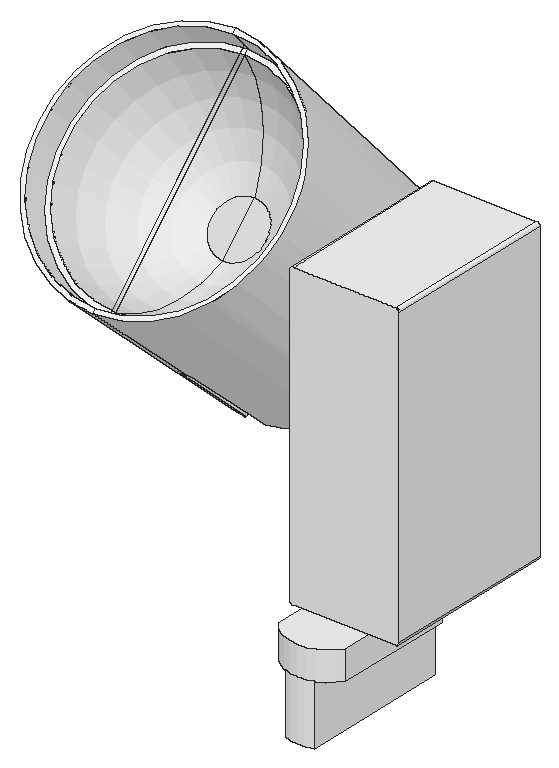
Revit family "0004929 Feilo Sylvania Lighting Fixture START TRACK SPOT L DALI 4448LM 930 MB WHT", category Lighting Fixtures, host Face, Revit 2017 (continued)
Definition of nested family "Start Track Spot Head"
  Types (96, lengths in mm): name | Wattage | built-in parameter 1150134 | Photometric Web File | Model | built-in parameter 1150105 | Lumens | built-in parameter 1150107 | built-in parameter 1150106 | HeadThickness_FEILO | HeadRibOffset_FEILO | HeadRibDepth_FEILO | HeadRibCutWidth_FEILO | HeadRibCutOffset_FEILO | HeadReflectorRadius_FEILO | HeadReflectorOffset_FEILO | HeadLEDRadius_FEILO | HeadHeight_FEILO | HeadDiffusorOffset_FEILO | HeadDiaOut_FEILO | HeadDiaIn_FEILO | HeadAxisFromTop_FEILO | Emit from Circle Diameter | built-in parameter 1150104 | Description | Apparent Load
    0004864 START TRACK SPOT S 24W 3K RA90 WB WHITE | 24 W | (empty or 0) | "0004864.ies" | "START TRACK SPOT S 24W 3K RA90 WB WHITE" | 152.79 (stored number, unit not read) | 1920 lm | 3000 (stored number, unit not read) | 1.5279 (stored number, unit not read) | 1.5 | 4.179 | 55.714 | 7.167 | 50.87 | 50.588 | 55.714 | 9.556 | 117 | 9.435 | 86 | 77.477 | 69.354 | 77.477 | 7.4322 (stored number, unit not read) | "Integrated LED spotlight, Textured White - RAL9016, compact and minimalist design, ideal for retail applications, die-cast aluminium body, passive cooling heatsink. Beam angle: 64°, color temperature: 3000K , total system power: 24W, total fixture output: 1928 lm, LOR: 100%, colour rendering: Ra: 90 typical, LED Chromaticity: 3 step MacAdam ellipse, lifetime: >50000 hours at L70B50, energy class: A++, A+, A, IR/UV free light source without heat radiation, operating voltage: 220-240V / 50-60Hz, drive current: 600mA, electronic driver, non-dimmable, power factor: 0.95, electrical protection: Class II, Global Track 3 Phase adapter suitable for Global trac 3-circuit tracks, ingress protection rating: IP20, suitable for internal environment only, horizontal rotation: 355°, vertical tilt: 90°, dimensions: Ø86x140x200, weight: 0.966kg." | 24 VA
    0004863 START TRACK SPOT S 24W 3K RA90 MB WHITE | 24 W | (empty or 0) | "0004863.ies" | "START TRACK SPOT S 24W 3K RA90 MB WHITE" | 154.7 (stored number, unit not read) | 1944 lm | 3000 (stored number, unit not read) | 1.547 (stored number, unit not read) | 1.5 | 4.179 | 55.714 | 7.167 | 50.87 | 50.588 | 55.714 | 9.556 | 117 | 9.435 | 86 | 77.477 | 69.354 | 77.477 | 7.5251 (stored number, unit not read) | "Integrated LED spotlight, Textured White - RAL9016, compact and minimalist design, ideal for retail applications, die-cast aluminium body, passive cooling heatsink. Beam angle: 36°, color temperature: 3000K , total system power: 24W, total fixture output: 1944 lm, LOR: 100%, colour rendering: Ra: 90 typical, LED Chromaticity: 3 step MacAdam ellipse, lifetime: >50000 hours at L70B50, energy class: A++, A+, A, IR/UV free light source without heat radiation, operating voltage: 220-240V / 50-60Hz, drive current: 600mA, electronic driver, non-dimmable, power factor: 0.95, electrical protection: Class II, Global Track 3 Phase adapter suitable for Global trac 3-circuit tracks, ingress protection rating: IP20, suitable for internal environment only, horizontal rotation: 355°, vertical tilt: 90°, dimensions: Ø86x140x200, weight: 0.966kg." | 24 VA
    0004862 START TRACK SPOT S 24W 3K RA90 NB WHITE | 24 W | (empty or 0) | "0004862.ies" | "START TRACK SPOT S 24W 3K RA90 NB WHITE" | 158.52 (stored number, unit not read) | 1992 lm | 3000 (stored number, unit not read) | 1.5852 (stored number, unit not read) | 1.5 | 4.179 | 55.714 | 7.167 | 50.87 | 50.588 | 55.714 | 9.556 | 117 | 9.435 | 86 | 77.477 | 69.354 | 77.477 | 7.711 (stored number, unit not read) | "Integrated LED spotlight, Textured White - RAL9016, compact and minimalist design, ideal for retail applications, die-cast aluminium body, passive cooling heatsink. Beam angle: 12°, color temperature: 3000K , total system power: 24W, total fixture output: 1987 lm, LOR: 100%, colour rendering: Ra: 90 typical, LED Chromaticity: 3 step MacAdam ellipse, lifetime: >50000 hours at L70B50, energy class: A++, A+, A, IR/UV free light source without heat radiation, operating voltage: 220-240V / 50-60Hz, drive current: 600mA, electronic driver, non-dimmable, power factor: 0.95, electrical protection: Class II, Global Track 3 Phase adapter suitable for Global trac 3-circuit tracks, ingress protection rating: IP20, suitable for internal environment only, horizontal rotation: 355°, vertical tilt: 90°, dimensions: Ø86x140x200, weight: 0.966kg." | 24 VA
    0004861 START TRACK SPOT S 14W 3K RA90 WB WHITE | 14 W | (empty or 0) | "0004861.ies" | "START TRACK SPOT S 14W 3K RA90 WB WHITE" | 100.27 (stored number, unit not read) | 1260 lm | 3000 (stored number, unit not read) | 1.0027 (stored number, unit not read) | 1.5 | 4.179 | 55.714 | 7.167 | 50.87 | 50.588 | 55.714 | 9.556 | 117 | 9.435 | 86 | 77.477 | 69.354 | 77.477 | 8.3613 (stored number, unit not read) | "Integrated LED spotlight, Textured White - RAL9016, compact and minimalist design, ideal for retail applications, die-cast aluminium body, passive cooling heatsink. Beam angle: 64°, color temperature: 3000K , total system power: 14W, total fixture output: 1262 lm, LOR: 100%, colour rendering: Ra: 90 typical, LED Chromaticity: 3 step MacAdam ellipse, lifetime: >50000 hours at L70B50, energy class: A++, A+, A, IR/UV free light source without heat radiation, operating voltage: 220-240V / 50-60Hz, drive current: 350mA, electronic driver, non-dimmable, power factor: 0.92, electrical protection: Class II, Global Track 3 Phase adapter suitable for Global trac 3-circuit tracks, ingress protection rating: IP20, suitable for internal environment only, horizontal rotation: 355°, vertical tilt: 90°, dimensions: Ø86x140x200, weight: 0.940kg." | 14 VA
    0004860 START TRACK SPOT S 14W 3K RA90 MB WHITE | 14 W | (empty or 0) | "0004860.ies" | "START TRACK SPOT S 14W 3K RA90 MB WHITE" | 100.27 (stored number, unit not read) | 1260 lm | 3000 (stored number, unit not read) | 1.0027 (stored number, unit not read) | 1.5 | 4.179 | 55.714 | 7.167 | 50.87 | 50.588 | 55.714 | 9.556 | 117 | 9.435 | 86 | 77.477 | 69.354 | 77.477 | 8.3613 (stored number, unit not read) | "Integrated LED spotlight, Textured White - RAL9016, compact and minimalist design, ideal for retail applications, die-cast aluminium body, passive cooling heatsink. Beam angle: 36°, color temperature: 3000K , total system power: 14W, total fixture output: 1262 lm, LOR: 100%, colour rendering: Ra: 90 typical, LED Chromaticity: 3 step MacAdam ellipse, lifetime: >50000 hours at L70B50, energy class: A++, A+, A, IR/UV free light source without heat radiation, operating voltage: 220-240V / 50-60Hz, drive current: 350mA, electronic driver, non-dimmable, power factor: 0.92, electrical protection: Class II, Global Track 3 Phase adapter suitable for Global trac 3-circuit tracks, ingress protection rating: IP20, suitable for internal environment only, horizontal rotation: 355°, vertical tilt: 90°, dimensions: Ø86x140x200, weight: 0.940kg." | 14 VA
    0004859 START TRACK SPOT S 14W 3K RA90 NB WHITE | 14 W | (empty or 0) | "0004859.ies" | "START TRACK SPOT S 14W 3K RA90 NB WHITE" | 102.5 (stored number, unit not read) | 1288 lm | 3000 (stored number, unit not read) | 1.025 (stored number, unit not read) | 1.5 | 4.179 | 55.714 | 7.167 | 50.87 | 50.588 | 55.714 | 9.556 | 117 | 9.435 | 86 | 77.477 | 69.354 | 77.477 | 8.5471 (stored number, unit not read) | "Integrated LED spotlight, Textured White - RAL9016, compact and minimalist design, ideal for retail applications, die-cast aluminium body, passive cooling heatsink. Beam angle: 12°, color temperature: 3000K , total system power: 14W, total fixture output: 1284 lm, LOR: 100%, colour rendering: Ra: 90 typical, LED Chromaticity: 3 step MacAdam ellipse, lifetime: >50000 hours at L70B50, energy class: A++, A+, A, IR/UV free light source without heat radiation, operating voltage: 220-240V / 50-60Hz, drive current: 350mA, electronic driver, non-dimmable, power factor: 0.92, electrical protection: Class II, Global Track 3 Phase adapter suitable for Global trac 3-circuit tracks, ingress protection rating: IP20, suitable for internal environment only, horizontal rotation: 355°, vertical tilt: 90°, dimensions: Ø86x140x200, weight: 0.940kg." | 14 VA
    0004858 START TRACK SPOT L 55W 4K RA80 WB BLACK | 55 W | 12 | "0004858.ies" | "START TRACK SPOT L 55W 4K RA80 WB BLACK" | 424.55 (stored number, unit not read) | 5335 lm | 4000 (stored number, unit not read) | 4.2455 (stored number, unit not read) | 2 | 4.429 | 59.048 | 9.417 | 53.913 | 66.471 | 59.048 | 12.556 | 124 | 10 | 113 | 101.802 | 73.503 | 101.802 | 9.0116 (stored number, unit not read) | "Integrated LED spotlight, Textured Black - RAL9005, compact and minimalist design, ideal for retail applications, die-cast aluminium body, passive cooling heatsink. Beam angle: 52°, color temperature: 4000K , total system power: 55W, total fixture output: 5320 lm, LOR: 100%, colour rendering: Ra: 80 typical, LED Chromaticity: 3 step MacAdam ellipse, lifetime: >50000 hours at L70B50, energy class: A++, A+, A, IR/UV free light source without heat radiation, operating voltage: 220-240V / 50-60Hz, drive current: 1400mA, electronic driver, non-dimmable, power factor: 0.96, electrical protection: Class II, Global Track 3 Phase adapter suitable for Global trac 3-circuit tracks, ingress protection rating: IP20, suitable for internal environment only, horizontal rotation: 355°, vertical tilt: 90°, dimensions: Ø113x164x240, weight: 1.398kg." | 55 VA
    0004857 START TRACK SPOT L 55W 4K RA80 MB BLACK | 55 W | 12 | "0004857.ies" | "START TRACK SPOT L 55W 4K RA80 MB BLACK" | 428.92 (stored number, unit not read) | 5390 lm | 4000 (stored number, unit not read) | 4.2892 (stored number, unit not read) | 2 | 4.429 | 59.048 | 9.417 | 53.913 | 66.471 | 59.048 | 12.556 | 124 | 10 | 113 | 101.802 | 73.503 | 101.802 | 9.1045 (stored number, unit not read) | "Integrated LED spotlight, Textured Black - RAL9005, compact and minimalist design, ideal for retail applications, die-cast aluminium body, passive cooling heatsink. Beam angle: 38°, color temperature: 4000K , total system power: 55W, total fixture output: 5378 lm, LOR: 100%, colour rendering: Ra: 80 typical, LED Chromaticity: 3 step MacAdam ellipse, lifetime: >50000 hours at L70B50, energy class: A++, A+, A, IR/UV free light source without heat radiation, operating voltage: 220-240V / 50-60Hz, drive current: 1400mA, electronic driver, non-dimmable, power factor: 0.96, electrical protection: Class II, Global Track 3 Phase adapter suitable for Global trac 3-circuit tracks, ingress protection rating: IP20, suitable for internal environment only, horizontal rotation: 355°, vertical tilt: 90°, dimensions: Ø113x164x240, weight: 1.398kg." | 55 VA
    0004856 START TRACK SPOT L 55W 4K RA80 NB BLACK | 55 W | 12 | "0004856.ies" | "START TRACK SPOT L 55W 4K RA80 NB BLACK" | 433.3 (stored number, unit not read) | 5445 lm | 4000 (stored number, unit not read) | 4.333 (stored number, unit not read) | 2 | 4.429 | 59.048 | 9.417 | 53.913 | 66.471 | 59.048 | 12.556 | 124 | 10 | 113 | 101.802 | 73.503 | 101.802 | 9.1974 (stored number, unit not read) | "Integrated LED spotlight, Textured Black - RAL9005, compact and minimalist design, ideal for retail applications, die-cast aluminium body, passive cooling heatsink. Beam angle: 15°, color temperature: 4000K , total system power: 55W, total fixture output: 5426 lm, LOR: 100%, colour rendering: Ra: 80 typical, LED Chromaticity: 3 step MacAdam ellipse, lifetime: >50000 hours at L70B50, energy class: A++, A+, A, IR/UV free light source without heat radiation, operating voltage: 220-240V / 50-60Hz, drive current: 1400mA, electronic driver, non-dimmable, power factor: 0.96, electrical protection: Class II, Global Track 3 Phase adapter suitable for Global trac 3-circuit tracks, ingress protection rating: IP20, suitable for internal environment only, horizontal rotation: 355°, vertical tilt: 90°, dimensions: Ø113x164x240, weight: 1.398kg." | 55 VA
    0004855 START TRACK SPOT L 35W 4K RA80 WB BLACK | 35 W | 12 | "0004855.ies" | "START TRACK SPOT L 35W 4K RA80 WB BLACK" | 320.3 (stored number, unit not read) | 4025 lm | 4000 (stored number, unit not read) | 3.203 (stored number, unit not read) | 2 | 4.429 | 59.048 | 9.417 | 53.913 | 66.471 | 59.048 | 12.556 | 124 | 10 | 113 | 101.802 | 73.503 | 101.802 | 10.684 (stored number, unit not read) | "Integrated LED spotlight, Textured Black - RAL9005, compact and minimalist design, ideal for retail applications, die-cast aluminium body, passive cooling heatsink. Beam angle: 52°, color temperature: 4000K , total system power: 35W, total fixture output: 4010 lm, LOR: 100%, colour rendering: Ra: 80 typical, LED Chromaticity: 3 step MacAdam ellipse, lifetime: >50000 hours at L70B50, energy class: A++, A+, A, IR/UV free light source without heat radiation, operating voltage: 220-240V / 50-60Hz, drive current: 900mA, electronic driver, non-dimmable, power factor: 0.93, electrical protection: Class II, Global Track 3 Phase adapter suitable for Global trac 3-circuit tracks, ingress protection rating: IP20, suitable for internal environment only, horizontal rotation: 355°, vertical tilt: 90°, dimensions: Ø113x164x240, weight: 1.368kg." | 35 VA
    0004854 START TRACK SPOT L 35W 4K RA80 MB BLACK | 35 W | 12 | "0004854.ies" | "START TRACK SPOT L 35W 4K RA80 MB BLACK" | 320.3 (stored number, unit not read) | 4025 lm | 4000 (stored number, unit not read) | 3.203 (stored number, unit not read) | 2 | 4.429 | 59.048 | 9.417 | 53.913 | 66.471 | 59.048 | 12.556 | 124 | 10 | 113 | 101.802 | 73.503 | 101.802 | 10.684 (stored number, unit not read) | "Integrated LED spotlight, Textured Black - RAL9005, compact and minimalist design, ideal for retail applications, die-cast aluminium body, passive cooling heatsink. Beam angle: 38°, color temperature: 4000K , total system power: 35W, total fixture output: 4017 lm, LOR: 100%, colour rendering: Ra: 80 typical, LED Chromaticity: 3 step MacAdam ellipse, lifetime: >50000 hours at L70B50, energy class: A++, A+, A, IR/UV free light source without heat radiation, operating voltage: 220-240V / 50-60Hz, drive current: 900mA, electronic driver, non-dimmable, power factor: 0.93, electrical protection: Class II, Global Track 3 Phase adapter suitable for Global trac 3-circuit tracks, ingress protection rating: IP20, suitable for internal environment only, horizontal rotation: 355°, vertical tilt: 90°, dimensions: Ø113x164x240, weight: 1.368kg." | 35 VA
    0004853 START TRACK SPOT L 35W 4K RA80 NB BLACK | 35 W | 12 | "0004853.ies" | "START TRACK SPOT L 35W 4K RA80 NB BLACK" | 331.44 (stored number, unit not read) | 4165 lm | 4000 (stored number, unit not read) | 3.3144 (stored number, unit not read) | 2 | 4.429 | 59.048 | 9.417 | 53.913 | 66.471 | 59.048 | 12.556 | 124 | 10 | 113 | 101.802 | 73.503 | 101.802 | 11.055 (stored number, unit not read) | "Integrated LED spotlight, Textured Black - RAL9005, compact and minimalist design, ideal for retail applications, die-cast aluminium body, passive cooling heatsink. Beam angle: 15°, color temperature: 4000K , total system power: 35W, total fixture output: 4174 lm, LOR: 100%, colour rendering: Ra: 80 typical, LED Chromaticity: 3 step MacAdam ellipse, lifetime: >50000 hours at L70B50, energy class: A++, A+, A, IR/UV free light source without heat radiation, operating voltage: 220-240V / 50-60Hz, drive current: 900mA, electronic driver, non-dimmable, power factor: 0.93, electrical protection: Class II, Global Track 3 Phase adapter suitable for Global trac 3-circuit tracks, ingress protection rating: IP20, suitable for internal environment only, horizontal rotation: 355°, vertical tilt: 90°, dimensions: Ø113x164x240, weight: 1.368kg." | 35 VA
    0004852 START TRACK SPOT S 24W 4K RA80 WB BLACK | 24 W | 12 | "0004852.ies" | "START TRACK SPOT S 24W 4K RA80 WB BLACK" | 196.72 (stored number, unit not read) | 2472 lm | 4000 (stored number, unit not read) | 1.9672 (stored number, unit not read) | 1.5 | 4.179 | 55.714 | 7.167 | 50.87 | 50.588 | 55.714 | 9.556 | 117 | 9.435 | 86 | 77.477 | 69.354 | 77.477 | 9.569 (stored number, unit not read) | "Integrated LED spotlight, Textured Black - RAL9005, compact and minimalist design, ideal for retail applications, die-cast aluminium body, passive cooling heatsink. Beam angle: 64°, color temperature: 4000K , total system power: 24W, total fixture output: 2476 lm, LOR: 100%, colour rendering: Ra: 80 typical, LED Chromaticity: 3 step MacAdam ellipse, lifetime: >50000 hours at L70B50, energy class: A++, A+, A, IR/UV free light source without heat radiation, operating voltage: 220-240V / 50-60Hz, drive current: 600mA, electronic driver, non-dimmable, power factor: 0.95, electrical protection: Class II, Global Track 3 Phase adapter suitable for Global trac 3-circuit tracks, ingress protection rating: IP20, suitable for internal environment only, horizontal rotation: 355°, vertical tilt: 90°, dimensions: Ø86x140x200, weight: 0.966kg." | 24 VA
    0004851 START TRACK SPOT S 24W 4K RA80 MB BLACK | 24 W | 12 | "0004851.ies" | "START TRACK SPOT S 24W 4K RA80 MB BLACK" | 198.63 (stored number, unit not read) | 2496 lm | 4000 (stored number, unit not read) | 1.9863 (stored number, unit not read) | 1.5 | 4.179 | 55.714 | 7.167 | 50.87 | 50.588 | 55.714 | 9.556 | 117 | 9.435 | 86 | 77.477 | 69.354 | 77.477 | 9.6619 (stored number, unit not read) | "Integrated LED spotlight, Textured Black - RAL9005, compact and minimalist design, ideal for retail applications, die-cast aluminium body, passive cooling heatsink. Beam angle: 36°, color temperature: 4000K , total system power: 24W, total fixture output: 2487 lm, LOR: 100%, colour rendering: Ra: 80 typical, LED Chromaticity: 3 step MacAdam ellipse, lifetime: >50000 hours at L70B50, energy class: A++, A+, A, IR/UV free light source without heat radiation, operating voltage: 220-240V / 50-60Hz, drive current: 600mA, electronic driver, non-dimmable, power factor: 0.95, electrical protection: Class II, Global Track 3 Phase adapter suitable for Global trac 3-circuit tracks, ingress protection rating: IP20, suitable for internal environment only, horizontal rotation: 355°, vertical tilt: 90°, dimensions: Ø86x140x200, weight: 0.966kg." | 24 VA
    0004850 START TRACK SPOT S 24W 4K RA80 NB BLACK | 24 W | 12 | "0004850.ies" | "START TRACK SPOT S 24W 4K RA80 NB BLACK" | 200.54 (stored number, unit not read) | 2520 lm | 4000 (stored number, unit not read) | 2.0054 (stored number, unit not read) | 1.5 | 4.179 | 55.714 | 7.167 | 50.87 | 50.588 | 55.714 | 9.556 | 117 | 9.435 | 86 | 77.477 | 69.354 | 77.477 | 9.7548 (stored number, unit not read) | "Integrated LED spotlight, Textured Black - RAL9005, compact and minimalist design, ideal for retail applications, die-cast aluminium body, passive cooling heatsink. Beam angle: 12°, color temperature: 4000K , total system power: 24W, total fixture output: 2529 lm, LOR: 100%, colour rendering: Ra: 80 typical, LED Chromaticity: 3 step MacAdam ellipse, lifetime: >50000 hours at L70B50, energy class: A++, A+, A, IR/UV free light source without heat radiation, operating voltage: 220-240V / 50-60Hz, drive current: 600mA, electronic driver, non-dimmable, power factor: 0.95, electrical protection: Class II, Global Track 3 Phase adapter suitable for Global trac 3-circuit tracks, ingress protection rating: IP20, suitable for internal environment only, horizontal rotation: 355°, vertical tilt: 90°, dimensions: Ø86x140x200, weight: 0.966kg." | 24 VA
    0004849 START TRACK SPOT S 14W 4K RA80 WB BLACK | 14 W | 12 | "0004849.ies" | "START TRACK SPOT S 14W 4K RA80 WB BLACK" | 123.66 (stored number, unit not read) | 1554 lm | 4000 (stored number, unit not read) | 1.2366 (stored number, unit not read) | 1.5 | 4.179 | 55.714 | 7.167 | 50.87 | 50.588 | 55.714 | 9.556 | 117 | 9.435 | 86 | 77.477 | 69.354 | 77.477 | 10.312 (stored number, unit not read) | "Integrated LED spotlight, Textured Black - RAL9005, compact and minimalist design, ideal for retail applications, die-cast aluminium body, passive cooling heatsink. Beam angle: 64°, color temperature: 4000K , total system power: 14W, total fixture output: 1558 lm, LOR: 100%, colour rendering: Ra: 80 typical, LED Chromaticity: 3 step MacAdam ellipse, lifetime: >50000 hours at L70B50, energy class: A++, A+, A, IR/UV free light source without heat radiation, operating voltage: 220-240V / 50-60Hz, drive current: 350mA, electronic driver, non-dimmable, power factor: 0.92, electrical protection: Class II, Global Track 3 Phase adapter suitable for Global trac 3-circuit tracks, ingress protection rating: IP20, suitable for internal environment only, horizontal rotation: 355°, vertical tilt: 90°, dimensions: Ø86x140x200, weight: 0.940kg." | 14 VA
    0004848 START TRACK SPOT S 14W 4K RA80 MB BLACK | 14 W | 12 | "0004848.ies" | "START TRACK SPOT S 14W 4K RA80 MB BLACK" | 127.01 (stored number, unit not read) | 1596 lm | 4000 (stored number, unit not read) | 1.2701 (stored number, unit not read) | 1.5 | 4.179 | 55.714 | 7.167 | 50.87 | 50.588 | 55.714 | 9.556 | 117 | 9.435 | 86 | 77.477 | 69.354 | 77.477 | 10.591 (stored number, unit not read) | "Integrated LED spotlight, Textured Black - RAL9005, compact and minimalist design, ideal for retail applications, die-cast aluminium body, passive cooling heatsink. Beam angle: 36°, color temperature: 4000K , total system power: 14W, total fixture output: 1598 lm, LOR: 100%, colour rendering: Ra: 80 typical, LED Chromaticity: 3 step MacAdam ellipse, lifetime: >50000 hours at L70B50, energy class: A++, A+, A, IR/UV free light source without heat radiation, operating voltage: 220-240V / 50-60Hz, drive current: 350mA, electronic driver, non-dimmable, power factor: 0.92, electrical protection: Class II, Global Track 3 Phase adapter suitable for Global trac 3-circuit tracks, ingress protection rating: IP20, suitable for internal environment only, horizontal rotation: 355°, vertical tilt: 90°, dimensions: Ø86x140x200, weight: 0.940kg." | 14 VA
    0004847 START TRACK SPOT S 14W 4K RA80 NB BLACK | 14 W | 12 | "0004847.ies" | "START TRACK SPOT S 14W 4K RA80 NB BLACK" | 128.12 (stored number, unit not read) | 1610 lm | 4000 (stored number, unit not read) | 1.2812 (stored number, unit not read) | 1.5 | 4.179 | 55.714 | 7.167 | 50.87 | 50.588 | 55.714 | 9.556 | 117 | 9.435 | 86 | 77.477 | 69.354 | 77.477 | 10.684 (stored number, unit not read) | "Integrated LED spotlight, Textured Black - RAL9005, compact and minimalist design, ideal for retail applications, die-cast aluminium body, passive cooling heatsink. Beam angle: 12°, color temperature: 4000K , total system power: 14W, total fixture output: 1608 lm, LOR: 100%, colour rendering: Ra: 80 typical, LED Chromaticity: 3 step MacAdam ellipse, lifetime: >50000 hours at L70B50, energy class: A++, A+, A, IR/UV free light source without heat radiation, operating voltage: 220-240V / 50-60Hz, drive current: 350mA, electronic driver, non-dimmable, power factor: 0.92, electrical protection: Class II, Global Track 3 Phase adapter suitable for Global trac 3-circuit tracks, ingress protection rating: IP20, suitable for internal environment only, horizontal rotation: 355°, vertical tilt: 90°, dimensions: Ø86x140x200, weight: 0.940kg." | 14 VA
    0004846 START TRACK SPOT L 55W 3K RA80 WB BLACK | 55 W | (empty or 0) | "0004846.ies" | "START TRACK SPOT L 55W 3K RA80 WB BLACK" | 420.17 (stored number, unit not read) | 5280 lm | 3000 (stored number, unit not read) | 4.2017 (stored number, unit not read) | 2 | 4.429 | 59.048 | 9.417 | 53.913 | 66.471 | 59.048 | 12.556 | 124 | 10 | 113 | 101.802 | 73.503 | 101.802 | 8.9187 (stored number, unit not read) | "Integrated LED spotlight, Textured Black - RAL9005, compact and minimalist design, ideal for retail applications, die-cast aluminium body, passive cooling heatsink. Beam angle: 52°, color temperature: 3000K , total system power: 55W, total fixture output: 5298 lm, LOR: 100%, colour rendering: Ra: 80 typical, LED Chromaticity: 3 step MacAdam ellipse, lifetime: >50000 hours at L70B50, energy class: A++, A+, A, IR/UV free light source without heat radiation, operating voltage: 220-240V / 50-60Hz, drive current: 1400mA, electronic driver, non-dimmable, power factor: 0.96, electrical protection: Class II, Global Track 3 Phase adapter suitable for Global trac 3-circuit tracks, ingress protection rating: IP20, suitable for internal environment only, horizontal rotation: 355°, vertical tilt: 90°, dimensions: Ø113x164x240, weight: 1.398kg." | 55 VA
    0004845 START TRACK SPOT L 55W 3K RA80 MB BLACK | 55 W | (empty or 0) | "0004845.ies" | "START TRACK SPOT L 55W 3K RA80 MB BLACK" | 428.92 (stored number, unit not read) | 5390 lm | 3000 (stored number, unit not read) | 4.2892 (stored number, unit not read) | 2 | 4.429 | 59.048 | 9.417 | 53.913 | 66.471 | 59.048 | 12.556 | 124 | 10 | 113 | 101.802 | 73.503 | 101.802 | 9.1045 (stored number, unit not read) | "Integrated LED spotlight, Textured Black - RAL9005, compact and minimalist design, ideal for retail applications, die-cast aluminium body, passive cooling heatsink. Beam angle: 38°, color temperature: 3000K , total system power: 55W, total fixture output: 5381 lm, LOR: 100%, colour rendering: Ra: 80 typical, LED Chromaticity: 3 step MacAdam ellipse, lifetime: >50000 hours at L70B50, energy class: A++, A+, A, IR/UV free light source without heat radiation, operating voltage: 220-240V / 50-60Hz, drive current: 1400mA, electronic driver, non-dimmable, power factor: 0.96, electrical protection: Class II, Global Track 3 Phase adapter suitable for Global trac 3-circuit tracks, ingress protection rating: IP20, suitable for internal environment only, horizontal rotation: 355°, vertical tilt: 90°, dimensions: Ø113x164x240, weight: 1.398kg." | 55 VA
    0004844 START TRACK SPOT L 55W 3K RA80 NB BLACK | 55 W | (empty or 0) | "0004844.ies" | "START TRACK SPOT L 55W 3K RA80 NB BLACK" | 433.3 (stored number, unit not read) | 5445 lm | 3000 (stored number, unit not read) | 4.333 (stored number, unit not read) | 2 | 4.429 | 59.048 | 9.417 | 53.913 | 66.471 | 59.048 | 12.556 | 124 | 10 | 113 | 101.802 | 73.503 | 101.802 | 9.1974 (stored number, unit not read) | "Integrated LED spotlight, Textured Black - RAL9005, compact and minimalist design, ideal for retail applications, die-cast aluminium body, passive cooling heatsink. Beam angle: 15°, color temperature: 3000K , total system power: 55W, total fixture output: 5449 lm, LOR: 100%, colour rendering: Ra: 80 typical, LED Chromaticity: 3 step MacAdam ellipse, lifetime: >50000 hours at L70B50, energy class: A++, A+, A, IR/UV free light source without heat radiation, operating voltage: 220-240V / 50-60Hz, drive current: 1400mA, electronic driver, non-dimmable, power factor: 0.96, electrical protection: Class II, Global Track 3 Phase adapter suitable for Global trac 3-circuit tracks, ingress protection rating: IP20, suitable for internal environment only, horizontal rotation: 355°, vertical tilt: 90°, dimensions: Ø113x164x240, weight: 1.398kg." | 55 VA
    0004843 START TRACK SPOT L 35W 3K RA80 WB BLACK | 35 W | (empty or 0) | "0004843.ies" | "START TRACK SPOT L 35W 3K RA80 WB BLACK" | 314.73 (stored number, unit not read) | 3955 lm | 3000 (stored number, unit not read) | 3.1473 (stored number, unit not read) | 2 | 4.429 | 59.048 | 9.417 | 53.913 | 66.471 | 59.048 | 12.556 | 124 | 10 | 113 | 101.802 | 73.503 | 101.802 | 10.498 (stored number, unit not read) | "Integrated LED spotlight, Textured Black - RAL9005, compact and minimalist design, ideal for retail applications, die-cast aluminium body, passive cooling heatsink. Beam angle: 52°, color temperature: 3000K , total system power: 35W, total fixture output: 3943 lm, LOR: 100%, colour rendering: Ra: 80 typical, LED Chromaticity: 3 step MacAdam ellipse, lifetime: >50000 hours at L70B50, energy class: A++, A+, A, IR/UV free light source without heat radiation, operating voltage: 220-240V / 50-60Hz, drive current: 900mA, electronic driver, non-dimmable, power factor: 0.93, electrical protection: Class II, Global Track 3 Phase adapter suitable for Global trac 3-circuit tracks, ingress protection rating: IP20, suitable for internal environment only, horizontal rotation: 355°, vertical tilt: 90°, dimensions: Ø113x164x240, weight: 1.368kg." | 35 VA
    0004842 START TRACK SPOT L 35W 3K RA80 MB BLACK | 35 W | (empty or 0) | "0004842.ies" | "START TRACK SPOT L 35W 3K RA80 MB BLACK" | 320.3 (stored number, unit not read) | 4025 lm | 3000 (stored number, unit not read) | 3.203 (stored number, unit not read) | 2 | 4.429 | 59.048 | 9.417 | 53.913 | 66.471 | 59.048 | 12.556 | 124 | 10 | 113 | 101.802 | 73.503 | 101.802 | 10.684 (stored number, unit not read) | "Integrated LED spotlight, Textured Black - RAL9005, compact and minimalist design, ideal for retail applications, die-cast aluminium body, passive cooling heatsink. Beam angle: 38°, color temperature: 3000K , total system power: 35W, total fixture output: 4008 lm, LOR: 100%, colour rendering: Ra: 80 typical, LED Chromaticity: 3 step MacAdam ellipse, lifetime: >50000 hours at L70B50, energy class: A++, A+, A, IR/UV free light source without heat radiation, operating voltage: 220-240V / 50-60Hz, drive current: 900mA, electronic driver, non-dimmable, power factor: 0.93, electrical protection: Class II, Global Track 3 Phase adapter suitable for Global trac 3-circuit tracks, ingress protection rating: IP20, suitable for internal environment only, horizontal rotation: 355°, vertical tilt: 90°, dimensions: Ø113x164x240, weight: 1.368kg." | 35 VA
    0004841 START TRACK SPOT L 35W 3K RA80 NB BLACK | 35 W | (empty or 0) | "0004841.ies" | "START TRACK SPOT L 35W 3K RA80 NB BLACK" | 317.51 (stored number, unit not read) | 3990 lm | 3000 (stored number, unit not read) | 3.1751 (stored number, unit not read) | 2 | 4.429 | 59.048 | 9.417 | 53.913 | 66.471 | 59.048 | 12.556 | 124 | 10 | 113 | 101.802 | 73.503 | 101.802 | 10.591 (stored number, unit not read) | "Integrated LED spotlight, Textured Black - RAL9005, compact and minimalist design, ideal for retail applications, die-cast aluminium body, passive cooling heatsink. Beam angle: 15°, color temperature: 3000K , total system power: 35W, total fixture output: 4005 lm, LOR: 100%, colour rendering: Ra: 80 typical, LED Chromaticity: 3 step MacAdam ellipse, lifetime: >50000 hours at L70B50, energy class: A++, A+, A, IR/UV free light source without heat radiation, operating voltage: 220-240V / 50-60Hz, drive current: 900mA, electronic driver, non-dimmable, power factor: 0.93, electrical protection: Class II, Global Track 3 Phase adapter suitable for Global trac 3-circuit tracks, ingress protection rating: IP20, suitable for internal environment only, horizontal rotation: 355°, vertical tilt: 90°, dimensions: Ø113x164x240, weight: 1.368kg." | 35 VA
    0004840 START TRACK SPOT S 24W 3K RA80 WB BLACK | 24 W | (empty or 0) | "0004840.ies" | "START TRACK SPOT S 24W 3K RA80 WB BLACK" | 185.26 (stored number, unit not read) | 2328 lm | 3000 (stored number, unit not read) | 1.8526 (stored number, unit not read) | 1.5 | 4.179 | 55.714 | 7.167 | 50.87 | 50.588 | 55.714 | 9.556 | 117 | 9.435 | 86 | 77.477 | 69.354 | 77.477 | 9.0116 (stored number, unit not read) | "Integrated LED spotlight, Textured Black - RAL9005, compact and minimalist design, ideal for retail applications, die-cast aluminium body, passive cooling heatsink. Beam angle: 64°, color temperature: 3000K , total system power: 24W, total fixture output: 2318 lm, LOR: 100%, colour rendering: Ra: 80 typical, LED Chromaticity: 3 step MacAdam ellipse, lifetime: >50000 hours at L70B50, energy class: A++, A+, A, IR/UV free light source without heat radiation, operating voltage: 220-240V / 50-60Hz, drive current: 600mA, electronic driver, non-dimmable, power factor: 0.95, electrical protection: Class II, Global Track 3 Phase adapter suitable for Global trac 3-circuit tracks, ingress protection rating: IP20, suitable for internal environment only, horizontal rotation: 355°, vertical tilt: 90°, dimensions: Ø86x140x200, weight: 0.966kg." | 24 VA
    0004839 START TRACK SPOT S 24W 3K RA80 MB BLACK | 24 W | (empty or 0) | "0004839.ies" | "START TRACK SPOT S 24W 3K RA80 MB BLACK" | 183.35 (stored number, unit not read) | 2304 lm | 3000 (stored number, unit not read) | 1.8335 (stored number, unit not read) | 1.5 | 4.179 | 55.714 | 7.167 | 50.87 | 50.588 | 55.714 | 9.556 | 117 | 9.435 | 86 | 77.477 | 69.354 | 77.477 | 8.9187 (stored number, unit not read) | "Integrated LED spotlight, Textured Black - RAL9005, compact and minimalist design, ideal for retail applications, die-cast aluminium body, passive cooling heatsink. Beam angle: 36°, color temperature: 3000K , total system power: 24W, total fixture output: 2314 lm, LOR: 100%, colour rendering: Ra: 80 typical, LED Chromaticity: 3 step MacAdam ellipse, lifetime: >50000 hours at L70B50, energy class: A++, A+, A, IR/UV free light source without heat radiation, operating voltage: 220-240V / 50-60Hz, drive current: 600mA, electronic driver, non-dimmable, power factor: 0.95, electrical protection: Class II, Global Track 3 Phase adapter suitable for Global trac 3-circuit tracks, ingress protection rating: IP20, suitable for internal environment only, horizontal rotation: 355°, vertical tilt: 90°, dimensions: Ø86x140x200, weight: 0.966kg." | 24 VA
    0004838 START TRACK SPOT S 24W 3K RA80 NB BLACK | 24 W | (empty or 0) | "0004838.ies" | "START TRACK SPOT S 24W 3K RA80 NB BLACK" | 185.26 (stored number, unit not read) | 2328 lm | 3000 (stored number, unit not read) | 1.8526 (stored number, unit not read) | 1.5 | 4.179 | 55.714 | 7.167 | 50.87 | 50.588 | 55.714 | 9.556 | 117 | 9.435 | 86 | 77.477 | 69.354 | 77.477 | 9.0116 (stored number, unit not read) | "Integrated LED spotlight, Textured Black - RAL9005, compact and minimalist design, ideal for retail applications, die-cast aluminium body, passive cooling heatsink. Beam angle: 12°, color temperature: 3000K , total system power: 24W, total fixture output: 2334 lm, LOR: 100%, colour rendering: Ra: 80 typical, LED Chromaticity: 3 step MacAdam ellipse, lifetime: >50000 hours at L70B50, energy class: A++, A+, A, IR/UV free light source without heat radiation, operating voltage: 220-240V / 50-60Hz, drive current: 600mA, electronic driver, non-dimmable, power factor: 0.95, electrical protection: Class II, Global Track 3 Phase adapter suitable for Global trac 3-circuit tracks, ingress protection rating: IP20, suitable for internal environment only, horizontal rotation: 355°, vertical tilt: 90°, dimensions: Ø86x140x200, weight: 0.966kg." | 24 VA
    0004837 START TRACK SPOT S 14W 3K RA80 WB BLACK | 14 W | (empty or 0) | "0004837.ies" | "START TRACK SPOT S 14W 3K RA80 WB BLACK" | 119.21 (stored number, unit not read) | 1498 lm | 3000 (stored number, unit not read) | 1.1921 (stored number, unit not read) | 1.5 | 4.179 | 55.714 | 7.167 | 50.87 | 50.588 | 55.714 | 9.556 | 117 | 9.435 | 86 | 77.477 | 69.354 | 77.477 | 9.9406 (stored number, unit not read) | "Integrated LED spotlight, Textured Black - RAL9005, compact and minimalist design, ideal for retail applications, die-cast aluminium body, passive cooling heatsink. Beam angle: 64°, color temperature: 3000K , total system power: 14W, total fixture output: 1498 lm, LOR: 100%, colour rendering: Ra: 80 typical, LED Chromaticity: 3 step MacAdam ellipse, lifetime: >50000 hours at L70B50, energy class: A++, A+, A, IR/UV free light source without heat radiation, operating voltage: 220-240V / 50-60Hz, drive current: 350mA, electronic driver, non-dimmable, power factor: 0.92, electrical protection: Class II, Global Track 3 Phase adapter suitable for Global trac 3-circuit tracks, ingress protection rating: IP20, suitable for internal environment only, horizontal rotation: 355°, vertical tilt: 90°, dimensions: Ø86x140x200, weight: 0.940kg." | 14 VA
    0004836 START TRACK SPOT S 14W 3K RA80 MB BLACK | 14 W | (empty or 0) | "0004836.ies" | "START TRACK SPOT S 14W 3K RA80 MB BLACK" | 120.32 (stored number, unit not read) | 1512 lm | 3000 (stored number, unit not read) | 1.2032 (stored number, unit not read) | 1.5 | 4.179 | 55.714 | 7.167 | 50.87 | 50.588 | 55.714 | 9.556 | 117 | 9.435 | 86 | 77.477 | 69.354 | 77.477 | 10.034 (stored number, unit not read) | "Integrated LED spotlight, Textured Black - RAL9005, compact and minimalist design, ideal for retail applications, die-cast aluminium body, passive cooling heatsink. Beam angle: 36°, color temperature: 3000K , total system power: 14W, total fixture output: 1508 lm, LOR: 100%, colour rendering: Ra: 80 typical, LED Chromaticity: 3 step MacAdam ellipse, lifetime: >50000 hours at L70B50, energy class: A++, A+, A, IR/UV free light source without heat radiation, operating voltage: 220-240V / 50-60Hz, drive current: 350mA, electronic driver, non-dimmable, power factor: 0.92, electrical protection: Class II, Global Track 3 Phase adapter suitable for Global trac 3-circuit tracks, ingress protection rating: IP20, suitable for internal environment only, horizontal rotation: 355°, vertical tilt: 90°, dimensions: Ø86x140x200, weight: 0.940kg." | 14 VA
    0004835 START TRACK SPOT S 14W 3K RA80 NB BLACK | 14 W | (empty or 0) | "0004835.ies" | "START TRACK SPOT S 14W 3K RA80 NB BLACK" | 123.66 (stored number, unit not read) | 1554 lm | 3000 (stored number, unit not read) | 1.2366 (stored number, unit not read) | 1.5 | 4.179 | 55.714 | 7.167 | 50.87 | 50.588 | 55.714 | 9.556 | 117 | 9.435 | 86 | 77.477 | 69.354 | 77.477 | 10.312 (stored number, unit not read) | "Integrated LED spotlight, Textured Black - RAL9005, compact and minimalist design, ideal for retail applications, die-cast aluminium body, passive cooling heatsink. Beam angle: 12°, color temperature: 3000K , total system power: 14W, total fixture output: 1551 lm, LOR: 100%, colour rendering: Ra: 80 typical, LED Chromaticity: 3 step MacAdam ellipse, lifetime: >50000 hours at L70B50, energy class: A++, A+, A, IR/UV free light source without heat radiation, operating voltage: 220-240V / 50-60Hz, drive current: 350mA, electronic driver, non-dimmable, power factor: 0.92, electrical protection: Class II, Global Track 3 Phase adapter suitable for Global trac 3-circuit tracks, ingress protection rating: IP20, suitable for internal environment only, horizontal rotation: 355°, vertical tilt: 90°, dimensions: Ø86x140x200, weight: 0.940kg." | 14 VA
    0004834 START TRACK SPOT L 55W 4K RA80 WB WHITE | 55 W | 12 | "0004834.ies" | "START TRACK SPOT L 55W 4K RA80 WB WHITE" | 424.55 (stored number, unit not read) | 5335 lm | 4000 (stored number, unit not read) | 4.2455 (stored number, unit not read) | 2 | 4.429 | 59.048 | 9.417 | 53.913 | 66.471 | 59.048 | 12.556 | 124 | 10 | 113 | 101.802 | 73.503 | 101.802 | 9.0116 (stored number, unit not read) | "Integrated LED spotlight, Textured White - RAL9016, compact and minimalist design, ideal for retail applications, die-cast aluminium body, passive cooling heatsink. Beam angle: 52°, color temperature: 4000K , total system power: 55W, total fixture output: 5320 lm, LOR: 100%, colour rendering: Ra: 80 typical, LED Chromaticity: 3 step MacAdam ellipse, lifetime: >50000 hours at L70B50, energy class: A++, A+, A, IR/UV free light source without heat radiation, operating voltage: 220-240V / 50-60Hz, drive current: 1400mA, electronic driver, non-dimmable, power factor: 0.96, electrical protection: Class II, Global Track 3 Phase adapter suitable for Global trac 3-circuit tracks, ingress protection rating: IP20, suitable for internal environment only, horizontal rotation: 355°, vertical tilt: 90°, dimensions: Ø113x164x240, weight: 1.398kg." | 55 VA
    0004833 START TRACK SPOT L 55W 4K RA80 MB WHITE | 55 W | 12 | "0004833.ies" | "START TRACK SPOT L 55W 4K RA80 MB WHITE" | 428.92 (stored number, unit not read) | 5390 lm | 4000 (stored number, unit not read) | 4.2892 (stored number, unit not read) | 2 | 4.429 | 59.048 | 9.417 | 53.913 | 66.471 | 59.048 | 12.556 | 124 | 10 | 113 | 101.802 | 73.503 | 101.802 | 9.1045 (stored number, unit not read) | "Integrated LED spotlight, Textured White - RAL9016, compact and minimalist design, ideal for retail applications, die-cast aluminium body, passive cooling heatsink. Beam angle: 38°, color temperature: 4000K , total system power: 55W, total fixture output: 5378 lm, LOR: 100%, colour rendering: Ra: 80 typical, LED Chromaticity: 3 step MacAdam ellipse, lifetime: >50000 hours at L70B50, energy class: A++, A+, A, IR/UV free light source without heat radiation, operating voltage: 220-240V / 50-60Hz, drive current: 1400mA, electronic driver, non-dimmable, power factor: 0.96, electrical protection: Class II, Global Track 3 Phase adapter suitable for Global trac 3-circuit tracks, ingress protection rating: IP20, suitable for internal environment only, horizontal rotation: 355°, vertical tilt: 90°, dimensions: Ø113x164x240, weight: 1.398kg." | 55 VA
    0004832 START TRACK SPOT L 55W 4K RA80 NB WHITE | 55 W | 12 | "0004832.ies" | "START TRACK SPOT L 55W 4K RA80 NB WHITE" | 433.3 (stored number, unit not read) | 5445 lm | 4000 (stored number, unit not read) | 4.333 (stored number, unit not read) | 2 | 4.429 | 59.048 | 9.417 | 53.913 | 66.471 | 59.048 | 12.556 | 124 | 10 | 113 | 101.802 | 73.503 | 101.802 | 9.1974 (stored number, unit not read) | "Integrated LED spotlight, Textured White - RAL9016, compact and minimalist design, ideal for retail applications, die-cast aluminium body, passive cooling heatsink. Beam angle: 15°, color temperature: 4000K , total system power: 55W, total fixture output: 5426 lm, LOR: 100%, colour rendering: Ra: 80 typical, LED Chromaticity: 3 step MacAdam ellipse, lifetime: >50000 hours at L70B50, energy class: A++, A+, A, IR/UV free light source without heat radiation, operating voltage: 220-240V / 50-60Hz, drive current: 1400mA, electronic driver, non-dimmable, power factor: 0.96, electrical protection: Class II, Global Track 3 Phase adapter suitable for Global trac 3-circuit tracks, ingress protection rating: IP20, suitable for internal environment only, horizontal rotation: 355°, vertical tilt: 90°, dimensions: Ø113x164x240, weight: 1.398kg." | 55 VA
    0004831 START TRACK SPOT L 35W 4K RA80 WB WHITE | 35 W | 12 | "0004831.ies" | "START TRACK SPOT L 35W 4K RA80 WB WHITE" | 320.3 (stored number, unit not read) | 4025 lm | 4000 (stored number, unit not read) | 3.203 (stored number, unit not read) | 2 | 4.429 | 59.048 | 9.417 | 53.913 | 66.471 | 59.048 | 12.556 | 124 | 10 | 113 | 101.802 | 73.503 | 101.802 | 10.684 (stored number, unit not read) | "Integrated LED spotlight, Textured White - RAL9016, compact and minimalist design, ideal for retail applications, die-cast aluminium body, passive cooling heatsink. Beam angle: 52°, color temperature: 4000K , total system power: 35W, total fixture output: 4010 lm, LOR: 100%, colour rendering: Ra: 80 typical, LED Chromaticity: 3 step MacAdam ellipse, lifetime: >50000 hours at L70B50, energy class: A++, A+, A, IR/UV free light source without heat radiation, operating voltage: 220-240V / 50-60Hz, drive current: 900mA, electronic driver, non-dimmable, power factor: 0.93, electrical protection: Class II, Global Track 3 Phase adapter suitable for Global trac 3-circuit tracks, ingress protection rating: IP20, suitable for internal environment only, horizontal rotation: 355°, vertical tilt: 90°, dimensions: Ø113x164x240, weight: 1.368kg." | 35 VA
    0004830 START TRACK SPOT L 35W 4K RA80 MB WHITE | 35 W | 12 | "0004830.ies" | "START TRACK SPOT L 35W 4K RA80 MB WHITE" | 320.3 (stored number, unit not read) | 4025 lm | 4000 (stored number, unit not read) | 3.203 (stored number, unit not read) | 2 | 4.429 | 59.048 | 9.417 | 53.913 | 66.471 | 59.048 | 12.556 | 124 | 10 | 113 | 101.802 | 73.503 | 101.802 | 10.684 (stored number, unit not read) | "Integrated LED spotlight, Textured White - RAL9016, compact and minimalist design, ideal for retail applications, die-cast aluminium body, passive cooling heatsink. Beam angle: 38°, color temperature: 4000K , total system power: 35W, total fixture output: 4017 lm, LOR: 100%, colour rendering: Ra: 80 typical, LED Chromaticity: 3 step MacAdam ellipse, lifetime: >50000 hours at L70B50, energy class: A++, A+, A, IR/UV free light source without heat radiation, operating voltage: 220-240V / 50-60Hz, drive current: 900mA, electronic driver, non-dimmable, power factor: 0.93, electrical protection: Class II, Global Track 3 Phase adapter suitable for Global trac 3-circuit tracks, ingress protection rating: IP20, suitable for internal environment only, horizontal rotation: 355°, vertical tilt: 90°, dimensions: Ø113x164x240, weight: 1.368kg." | 35 VA
    0004829 START TRACK SPOT L 35W 4K RA80 NB WHITE | 35 W | 12 | "0004829.ies" | "START TRACK SPOT L 35W 4K RA80 NB WHITE" | 331.44 (stored number, unit not read) | 4165 lm | 4000 (stored number, unit not read) | 3.3144 (stored number, unit not read) | 2 | 4.429 | 59.048 | 9.417 | 53.913 | 66.471 | 59.048 | 12.556 | 124 | 10 | 113 | 101.802 | 73.503 | 101.802 | 11.055 (stored number, unit not read) | "Integrated LED spotlight, Textured White - RAL9016, compact and minimalist design, ideal for retail applications, die-cast aluminium body, passive cooling heatsink. Beam angle: 15°, color temperature: 4000K , total system power: 35W, total fixture output: 4174 lm, LOR: 100%, colour rendering: Ra: 80 typical, LED Chromaticity: 3 step MacAdam ellipse, lifetime: >50000 hours at L70B50, energy class: A++, A+, A, IR/UV free light source without heat radiation, operating voltage: 220-240V / 50-60Hz, drive current: 900mA, electronic driver, non-dimmable, power factor: 0.93, electrical protection: Class II, Global Track 3 Phase adapter suitable for Global trac 3-circuit tracks, ingress protection rating: IP20, suitable for internal environment only, horizontal rotation: 355°, vertical tilt: 90°, dimensions: Ø113x164x240, weight: 1.368kg." | 35 VA
    0004828 START TRACK SPOT S 24W 4K RA80 WB WHITE | 24 W | 12 | "0004828.ies" | "START TRACK SPOT S 24W 4K RA80 WB WHITE" | 196.72 (stored number, unit not read) | 2472 lm | 4000 (stored number, unit not read) | 1.9672 (stored number, unit not read) | 1.5 | 4.179 | 55.714 | 7.167 | 50.87 | 50.588 | 55.714 | 9.556 | 117 | 9.435 | 86 | 77.477 | 69.354 | 77.477 | 9.569 (stored number, unit not read) | "Integrated LED spotlight, Textured White - RAL9016, compact and minimalist design, ideal for retail applications, die-cast aluminium body, passive cooling heatsink. Beam angle: 64°, color temperature: 4000K , total system power: 24W, total fixture output: 2476 lm, LOR: 100%, colour rendering: Ra: 80 typical, LED Chromaticity: 3 step MacAdam ellipse, lifetime: >50000 hours at L70B50, energy class: A++, A+, A, IR/UV free light source without heat radiation, operating voltage: 220-240V / 50-60Hz, drive current: 600mA, electronic driver, non-dimmable, power factor: 0.95, electrical protection: Class II, Global Track 3 Phase adapter suitable for Global trac 3-circuit tracks, ingress protection rating: IP20, suitable for internal environment only, horizontal rotation: 355°, vertical tilt: 90°, dimensions: Ø86x140x200, weight: 0.966kg." | 24 VA
    0004827 START TRACK SPOT S 24W 4K RA80 MB WHITE | 24 W | 12 | "0004827.ies" | "START TRACK SPOT S 24W 4K RA80 MB WHITE" | 198.63 (stored number, unit not read) | 2496 lm | 4000 (stored number, unit not read) | 1.9863 (stored number, unit not read) | 1.5 | 4.179 | 55.714 | 7.167 | 50.87 | 50.588 | 55.714 | 9.556 | 117 | 9.435 | 86 | 77.477 | 69.354 | 77.477 | 9.6619 (stored number, unit not read) | "Integrated LED spotlight, Textured White - RAL9016, compact and minimalist design, ideal for retail applications, die-cast aluminium body, passive cooling heatsink. Beam angle: 36°, color temperature: 4000K , total system power: 24W, total fixture output: 2487 lm, LOR: 100%, colour rendering: Ra: 80 typical, LED Chromaticity: 3 step MacAdam ellipse, lifetime: >50000 hours at L70B50, energy class: A++, A+, A, IR/UV free light source without heat radiation, operating voltage: 220-240V / 50-60Hz, drive current: 600mA, electronic driver, non-dimmable, power factor: 0.95, electrical protection: Class II, Global Track 3 Phase adapter suitable for Global trac 3-circuit tracks, ingress protection rating: IP20, suitable for internal environment only, horizontal rotation: 355°, vertical tilt: 90°, dimensions: Ø86x140x200, weight: 0.966kg." | 24 VA
    0004826 START TRACK SPOT S 24W 4K RA80 NB WHITE | 24 W | 12 | "0004826.ies" | "START TRACK SPOT S 24W 4K RA80 NB WHITE" | 200.54 (stored number, unit not read) | 2520 lm | 4000 (stored number, unit not read) | 2.0054 (stored number, unit not read) | 1.5 | 4.179 | 55.714 | 7.167 | 50.87 | 50.588 | 55.714 | 9.556 | 117 | 9.435 | 86 | 77.477 | 69.354 | 77.477 | 9.7548 (stored number, unit not read) | "Integrated LED spotlight, Textured White - RAL9016, compact and minimalist design, ideal for retail applications, die-cast aluminium body, passive cooling heatsink. Beam angle: 12°, color temperature: 4000K , total system power: 24W, total fixture output: 2529 lm, LOR: 100%, colour rendering: Ra: 80 typical, LED Chromaticity: 3 step MacAdam ellipse, lifetime: >50000 hours at L70B50, energy class: A++, A+, A, IR/UV free light source without heat radiation, operating voltage: 220-240V / 50-60Hz, drive current: 600mA, electronic driver, non-dimmable, power factor: 0.95, electrical protection: Class II, Global Track 3 Phase adapter suitable for Global trac 3-circuit tracks, ingress protection rating: IP20, suitable for internal environment only, horizontal rotation: 355°, vertical tilt: 90°, dimensions: Ø86x140x200, weight: 0.966kg." | 24 VA
    0004825 START TRACK SPOT S 14W 4K RA80 WB WHITE | 14 W | 12 | "0004825.ies" | "START TRACK SPOT S 14W 4K RA80 WB WHITE" | 123.66 (stored number, unit not read) | 1554 lm | 4000 (stored number, unit not read) | 1.2366 (stored number, unit not read) | 1.5 | 4.179 | 55.714 | 7.167 | 50.87 | 50.588 | 55.714 | 9.556 | 117 | 9.435 | 86 | 77.477 | 69.354 | 77.477 | 10.312 (stored number, unit not read) | "Integrated LED spotlight, Textured White - RAL9016, compact and minimalist design, ideal for retail applications, die-cast aluminium body, passive cooling heatsink. Beam angle: 64°, color temperature: 4000K , total system power: 14W, total fixture output: 1558 lm, LOR: 100%, colour rendering: Ra: 80 typical, LED Chromaticity: 3 step MacAdam ellipse, lifetime: >50000 hours at L70B50, energy class: A++, A+, A, IR/UV free light source without heat radiation, operating voltage: 220-240V / 50-60Hz, drive current: 350mA, electronic driver, non-dimmable, power factor: 0.92, electrical protection: Class II, Global Track 3 Phase adapter suitable for Global trac 3-circuit tracks, ingress protection rating: IP20, suitable for internal environment only, horizontal rotation: 355°, vertical tilt: 90°, dimensions: Ø86x140x200, weight: 0.940kg." | 14 VA
    0004824 START TRACK SPOT S 14W 4K RA80 MB WHITE | 14 W | 12 | "0004824.ies" | "START TRACK SPOT S 14W 4K RA80 MB WHITE" | 127.01 (stored number, unit not read) | 1596 lm | 4000 (stored number, unit not read) | 1.2701 (stored number, unit not read) | 1.5 | 4.179 | 55.714 | 7.167 | 50.87 | 50.588 | 55.714 | 9.556 | 117 | 9.435 | 86 | 77.477 | 69.354 | 77.477 | 10.591 (stored number, unit not read) | "Integrated LED spotlight, Textured White - RAL9016, compact and minimalist design, ideal for retail applications, die-cast aluminium body, passive cooling heatsink. Beam angle: 36°, color temperature: 4000K , total system power: 14W, total fixture output: 1598 lm, LOR: 100%, colour rendering: Ra: 80 typical, LED Chromaticity: 3 step MacAdam ellipse, lifetime: >50000 hours at L70B50, energy class: A++, A+, A, IR/UV free light source without heat radiation, operating voltage: 220-240V / 50-60Hz, drive current: 350mA, electronic driver, non-dimmable, power factor: 0.92, electrical protection: Class II, Global Track 3 Phase adapter suitable for Global trac 3-circuit tracks, ingress protection rating: IP20, suitable for internal environment only, horizontal rotation: 355°, vertical tilt: 90°, dimensions: Ø86x140x200, weight: 0.940kg." | 14 VA
    0004823 START TRACK SPOT S 14W 4K RA80 NB WHITE | 14 W | 12 | "0004823.ies" | "START TRACK SPOT S 14W 4K RA80 NB WHITE" | 128.12 (stored number, unit not read) | 1610 lm | 4000 (stored number, unit not read) | 1.2812 (stored number, unit not read) | 1.5 | 4.179 | 55.714 | 7.167 | 50.87 | 50.588 | 55.714 | 9.556 | 117 | 9.435 | 86 | 77.477 | 69.354 | 77.477 | 10.684 (stored number, unit not read) | "Integrated LED spotlight, Textured White - RAL9016, compact and minimalist design, ideal for retail applications, die-cast aluminium body, passive cooling heatsink. Beam angle: 12°, color temperature: 4000K , total system power: 14W, total fixture output: 1608 lm, LOR: 100%, colour rendering: Ra: 80 typical, LED Chromaticity: 3 step MacAdam ellipse, lifetime: >50000 hours at L70B50, energy class: A++, A+, A, IR/UV free light source without heat radiation, operating voltage: 220-240V / 50-60Hz, drive current: 350mA, electronic driver, non-dimmable, power factor: 0.92, electrical protection: Class II, Global Track 3 Phase adapter suitable for Global trac 3-circuit tracks, ingress protection rating: IP20, suitable for internal environment only, horizontal rotation: 355°, vertical tilt: 90°, dimensions: Ø86x140x200, weight: 0.940kg." | 14 VA
    0004822 START TRACK SPOT L 55W 3K RA80 WB WHITE | 55 W | (empty or 0) | "0004822.ies" | "START TRACK SPOT L 55W 3K RA80 WB WHITE" | 420.17 (stored number, unit not read) | 5280 lm | 3000 (stored number, unit not read) | 4.2017 (stored number, unit not read) | 2 | 4.429 | 59.048 | 9.417 | 53.913 | 66.471 | 59.048 | 12.556 | 124 | 10 | 113 | 101.802 | 73.503 | 101.802 | 8.9187 (stored number, unit not read) | "Integrated LED spotlight, Textured White - RAL9016, compact and minimalist design, ideal for retail applications, die-cast aluminium body, passive cooling heatsink. Beam angle: 52°, color temperature: 3000K , total system power: 55W, total fixture output: 5298 lm, LOR: 100%, colour rendering: Ra: 80 typical, LED Chromaticity: 3 step MacAdam ellipse, lifetime: >50000 hours at L70B50, energy class: A++, A+, A, IR/UV free light source without heat radiation, operating voltage: 220-240V / 50-60Hz, drive current: 1400mA, electronic driver, non-dimmable, power factor: 0.96, electrical protection: Class II, Global Track 3 Phase adapter suitable for Global trac 3-circuit tracks, ingress protection rating: IP20, suitable for internal environment only, horizontal rotation: 355°, vertical tilt: 90°, dimensions: Ø113x164x240, weight: 1.398kg." | 55 VA
    0004821 START TRACK SPOT L 55W 3K RA80 MB WHITE | 55 W | (empty or 0) | "0004821.ies" | "START TRACK SPOT L 55W 3K RA80 MB WHITE" | 428.92 (stored number, unit not read) | 5390 lm | 3000 (stored number, unit not read) | 4.2892 (stored number, unit not read) | 2 | 4.429 | 59.048 | 9.417 | 53.913 | 66.471 | 59.048 | 12.556 | 124 | 10 | 113 | 101.802 | 73.503 | 101.802 | 9.1045 (stored number, unit not read) | "Integrated LED spotlight, Textured White - RAL9016, compact and minimalist design, ideal for retail applications, die-cast aluminium body, passive cooling heatsink. Beam angle: 38°, color temperature: 3000K , total system power: 55W, total fixture output: 5381 lm, LOR: 100%, colour rendering: Ra: 80 typical, LED Chromaticity: 3 step MacAdam ellipse, lifetime: >50000 hours at L70B50, energy class: A++, A+, A, IR/UV free light source without heat radiation, operating voltage: 220-240V / 50-60Hz, drive current: 1400mA, electronic driver, non-dimmable, power factor: 0.96, electrical protection: Class II, Global Track 3 Phase adapter suitable for Global trac 3-circuit tracks, ingress protection rating: IP20, suitable for internal environment only, horizontal rotation: 355°, vertical tilt: 90°, dimensions: Ø113x164x240, weight: 1.398kg." | 55 VA
    0004820 START TRACK SPOT L 55W 3K RA80 NB WHITE | 55 W | (empty or 0) | "0004820.ies" | "START TRACK SPOT L 55W 3K RA80 NB WHITE" | 433.3 (stored number, unit not read) | 5445 lm | 3000 (stored number, unit not read) | 4.333 (stored number, unit not read) | 2 | 4.429 | 59.048 | 9.417 | 53.913 | 66.471 | 59.048 | 12.556 | 124 | 10 | 113 | 101.802 | 73.503 | 101.802 | 9.1974 (stored number, unit not read) | "Integrated LED spotlight, Textured White - RAL9016, compact and minimalist design, ideal for retail applications, die-cast aluminium body, passive cooling heatsink. Beam angle: 15°, color temperature: 3000K , total system power: 55W, total fixture output: 5449 lm, LOR: 100%, colour rendering: Ra: 80 typical, LED Chromaticity: 3 step MacAdam ellipse, lifetime: >50000 hours at L70B50, energy class: A++, A+, A, IR/UV free light source without heat radiation, operating voltage: 220-240V / 50-60Hz, drive current: 1400mA, electronic driver, non-dimmable, power factor: 0.96, electrical protection: Class II, Global Track 3 Phase adapter suitable for Global trac 3-circuit tracks, ingress protection rating: IP20, suitable for internal environment only, horizontal rotation: 355°, vertical tilt: 90°, dimensions: Ø113x164x240, weight: 1.398kg." | 55 VA
    0004819 START TRACK SPOT L 35W 3K RA80 WB WHITE | 35 W | (empty or 0) | "0004819.ies" | "START TRACK SPOT L 35W 3K RA80 WB WHITE" | 314.73 (stored number, unit not read) | 3955 lm | 3000 (stored number, unit not read) | 3.1473 (stored number, unit not read) | 2 | 4.429 | 59.048 | 9.417 | 53.913 | 66.471 | 59.048 | 12.556 | 124 | 10 | 113 | 101.802 | 73.503 | 101.802 | 10.498 (stored number, unit not read) | "Integrated LED spotlight, Textured White - RAL9016, compact and minimalist design, ideal for retail applications, die-cast aluminium body, passive cooling heatsink. Beam angle: 52°, color temperature: 3000K , total system power: 35W, total fixture output: 3943 lm, LOR: 100%, colour rendering: Ra: 80 typical, LED Chromaticity: 3 step MacAdam ellipse, lifetime: >50000 hours at L70B50, energy class: A++, A+, A, IR/UV free light source without heat radiation, operating voltage: 220-240V / 50-60Hz, drive current: 900mA, electronic driver, non-dimmable, power factor: 0.93, electrical protection: Class II, Global Track 3 Phase adapter suitable for Global trac 3-circuit tracks, ingress protection rating: IP20, suitable for internal environment only, horizontal rotation: 355°, vertical tilt: 90°, dimensions: Ø113x164x240, weight: 1.368kg." | 35 VA
    0004818 START TRACK SPOT L 35W 3K RA80 MB WHITE | 35 W | (empty or 0) | "0004818.ies" | "START TRACK SPOT L 35W 3K RA80 MB WHITE" | 320.3 (stored number, unit not read) | 4025 lm | 3000 (stored number, unit not read) | 3.203 (stored number, unit not read) | 2 | 4.429 | 59.048 | 9.417 | 53.913 | 66.471 | 59.048 | 12.556 | 124 | 10 | 113 | 101.802 | 73.503 | 101.802 | 10.684 (stored number, unit not read) | "Integrated LED spotlight, Textured White - RAL9016, compact and minimalist design, ideal for retail applications, die-cast aluminium body, passive cooling heatsink. Beam angle: 38°, color temperature: 3000K , total system power: 35W, total fixture output: 4008 lm, LOR: 100%, colour rendering: Ra: 80 typical, LED Chromaticity: 3 step MacAdam ellipse, lifetime: >50000 hours at L70B50, energy class: A++, A+, A, IR/UV free light source without heat radiation, operating voltage: 220-240V / 50-60Hz, drive current: 900mA, electronic driver, non-dimmable, power factor: 0.93, electrical protection: Class II, Global Track 3 Phase adapter suitable for Global trac 3-circuit tracks, ingress protection rating: IP20, suitable for internal environment only, horizontal rotation: 355°, vertical tilt: 90°, dimensions: Ø113x164x240, weight: 1.368kg." | 35 VA
    0004817 START TRACK SPOT L 35W 3K RA80 NB WHITE | 35 W | (empty or 0) | "0004817.ies" | "START TRACK SPOT L 35W 3K RA80 NB WHITE" | 317.51 (stored number, unit not read) | 3990 lm | 3000 (stored number, unit not read) | 3.1751 (stored number, unit not read) | 2 | 4.429 | 59.048 | 9.417 | 53.913 | 66.471 | 59.048 | 12.556 | 124 | 10 | 113 | 101.802 | 73.503 | 101.802 | 10.591 (stored number, unit not read) | "Integrated LED spotlight, Textured White - RAL9016, compact and minimalist design, ideal for retail applications, die-cast aluminium body, passive cooling heatsink. Beam angle: 15°, color temperature: 3000K , total system power: 35W, total fixture output: 4005 lm, LOR: 100%, colour rendering: Ra: 80 typical, LED Chromaticity: 3 step MacAdam ellipse, lifetime: >50000 hours at L70B50, energy class: A++, A+, A, IR/UV free light source without heat radiation, operating voltage: 220-240V / 50-60Hz, drive current: 900mA, electronic driver, non-dimmable, power factor: 0.93, electrical protection: Class II, Global Track 3 Phase adapter suitable for Global trac 3-circuit tracks, ingress protection rating: IP20, suitable for internal environment only, horizontal rotation: 355°, vertical tilt: 90°, dimensions: Ø113x164x240, weight: 1.368kg." | 35 VA
    0004816 START TRACK SPOT S 24W 3K RA80 WB WHITE | 24 W | (empty or 0) | "0004816.ies" | "START TRACK SPOT S 24W 3K RA80 WB WHITE" | 185.26 (stored number, unit not read) | 2328 lm | 3000 (stored number, unit not read) | 1.8526 (stored number, unit not read) | 1.5 | 4.179 | 55.714 | 7.167 | 50.87 | 50.588 | 55.714 | 9.556 | 117 | 9.435 | 86 | 77.477 | 69.354 | 77.477 | 9.0116 (stored number, unit not read) | "Integrated LED spotlight, Textured White - RAL9016, compact and minimalist design, ideal for retail applications, die-cast aluminium body, passive cooling heatsink. Beam angle: 64°, color temperature: 3000K , total system power: 24W, total fixture output: 2318 lm, LOR: 100%, colour rendering: Ra: 80 typical, LED Chromaticity: 3 step MacAdam ellipse, lifetime: >50000 hours at L70B50, energy class: A++, A+, A, IR/UV free light source without heat radiation, operating voltage: 220-240V / 50-60Hz, drive current: 600mA, electronic driver, non-dimmable, power factor: 0.95, electrical protection: Class II, Global Track 3 Phase adapter suitable for Global trac 3-circuit tracks, ingress protection rating: IP20, suitable for internal environment only, horizontal rotation: 355°, vertical tilt: 90°, dimensions: Ø86x140x200, weight: 0.966kg." | 24 VA
    0004815 START TRACK SPOT S 24W 3K RA80 MB WHITE | 24 W | (empty or 0) | "0004815.ies" | "START TRACK SPOT S 24W 3K RA80 MB WHITE" | 183.35 (stored number, unit not read) | 2304 lm | 3000 (stored number, unit not read) | 1.8335 (stored number, unit not read) | 1.5 | 4.179 | 55.714 | 7.167 | 50.87 | 50.588 | 55.714 | 9.556 | 117 | 9.435 | 86 | 77.477 | 69.354 | 77.477 | 8.9187 (stored number, unit not read) | "Integrated LED spotlight, Textured White - RAL9016, compact and minimalist design, ideal for retail applications, die-cast aluminium body, passive cooling heatsink. Beam angle: 36°, color temperature: 3000K , total system power: 24W, total fixture output: 2314 lm, LOR: 100%, colour rendering: Ra: 80 typical, LED Chromaticity: 3 step MacAdam ellipse, lifetime: >50000 hours at L70B50, energy class: A++, A+, A, IR/UV free light source without heat radiation, operating voltage: 220-240V / 50-60Hz, drive current: 600mA, electronic driver, non-dimmable, power factor: 0.95, electrical protection: Class II, Global Track 3 Phase adapter suitable for Global trac 3-circuit tracks, ingress protection rating: IP20, suitable for internal environment only, horizontal rotation: 355°, vertical tilt: 90°, dimensions: Ø86x140x200, weight: 0.966kg." | 24 VA
    0004814 START TRACK SPOT S 24W 3K RA80 NB WHITE | 24 W | (empty or 0) | "0004814.ies" | "START TRACK SPOT S 24W 3K RA80 NB WHITE" | 185.26 (stored number, unit not read) | 2328 lm | 3000 (stored number, unit not read) | 1.8526 (stored number, unit not read) | 1.5 | 4.179 | 55.714 | 7.167 | 50.87 | 50.588 | 55.714 | 9.556 | 117 | 9.435 | 86 | 77.477 | 69.354 | 77.477 | 9.0116 (stored number, unit not read) | "Integrated LED spotlight, Textured White - RAL9016, compact and minimalist design, ideal for retail applications, die-cast aluminium body, passive cooling heatsink. Beam angle: 12°, color temperature: 3000K , total system power: 24W, total fixture output: 2334 lm, LOR: 100%, colour rendering: Ra: 80 typical, LED Chromaticity: 3 step MacAdam ellipse, lifetime: >50000 hours at L70B50, energy class: A++, A+, A, IR/UV free light source without heat radiation, operating voltage: 220-240V / 50-60Hz, drive current: 600mA, electronic driver, non-dimmable, power factor: 0.95, electrical protection: Class II, Global Track 3 Phase adapter suitable for Global trac 3-circuit tracks, ingress protection rating: IP20, suitable for internal environment only, horizontal rotation: 355°, vertical tilt: 90°, dimensions: Ø86x140x200, weight: 0.966kg." | 24 VA
    0004813 START TRACK SPOT S 14W 3K RA80 WB WHITE | 14 W | (empty or 0) | "0004813.ies" | "START TRACK SPOT S 14W 3K RA80 WB WHITE" | 119.21 (stored number, unit not read) | 1498 lm | 3000 (stored number, unit not read) | 1.1921 (stored number, unit not read) | 1.5 | 4.179 | 55.714 | 7.167 | 50.87 | 50.588 | 55.714 | 9.556 | 117 | 9.435 | 86 | 77.477 | 69.354 | 77.477 | 9.9406 (stored number, unit not read) | "Integrated LED spotlight, Textured White - RAL9016, compact and minimalist design, ideal for retail applications, die-cast aluminium body, passive cooling heatsink. Beam angle: 64°, color temperature: 3000K , total system power: 14W, total fixture output: 1498 lm, LOR: 100%, colour rendering: Ra: 80 typical, LED Chromaticity: 3 step MacAdam ellipse, lifetime: >50000 hours at L70B50, energy class: A++, A+, A, IR/UV free light source without heat radiation, operating voltage: 220-240V / 50-60Hz, drive current: 350mA, electronic driver, non-dimmable, power factor: 0.92, electrical protection: Class II, Global Track 3 Phase adapter suitable for Global trac 3-circuit tracks, ingress protection rating: IP20, suitable for internal environment only, horizontal rotation: 355°, vertical tilt: 90°, dimensions: Ø86x140x200, weight: 0.940kg." | 14 VA
